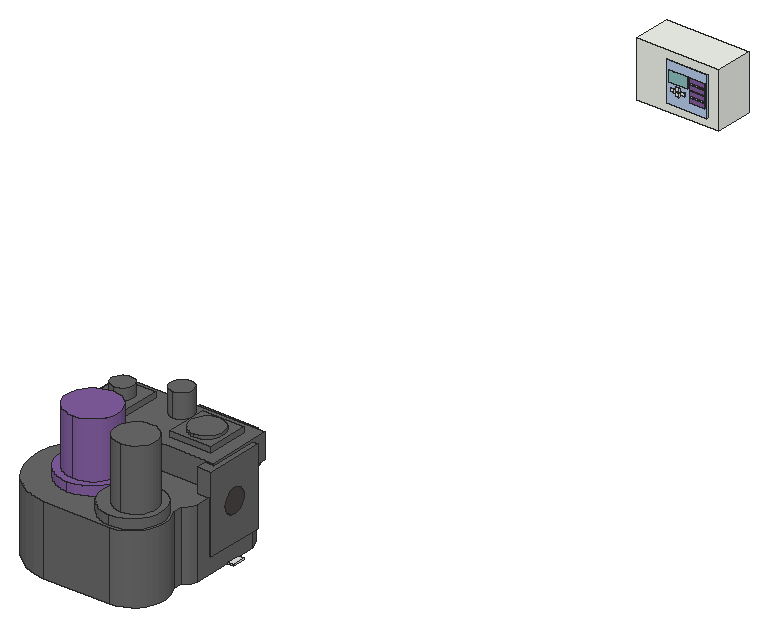
Revit family "28752", category Generic Models, Revit 2021
Family settings
  Can host rebar = No
  Round Connector Dimension = Use Diameter
  Part Type = Normal
  Work Plane-Based = No
  Always vertical = Yes
  Cut with Voids When Loaded = No
  Shared = Yes
  Room Calculation Point = No
Parameters (values of type "28752")
  SUPPLIER = "KESSEL"
  SA700ID50 = "intern"
  SA700ID49 = "Protection Class I"
  SA700ID48 = "no"
  SA700ID47 = "no"
  SA700ID46 = "yes"
  SA700ID37 = 16000 mm
  SA700ID34 = 47
  SA700ID33 = 3.2 W
  SA700ID32 = 48.11 kg
  SA700ID31 = 1
  SA700ID30 = 1
  SA700ID29 = "GLRD"
  SA700ID21 = 1600
  SA700ID10 = "yes"
  SA700ID08 = 400 V
  PROCUREWEBLINK = "https://p.caden.as/kessel/28752"
  PROCURELINK = "p.caden.as/kessel/28752"
  PROCUREDATALASTUPDATE = "2024-05-22T12:18:03.168388671+01:00"
  PRC_SPECIFICATIONLINK = "https://ausschreiben.de/catalog/kessel/catalogItem/b5f49904-1edd-4ced-b724-3f6e60dfa020"
  NN = "Lifting station Aqualift F"
  NBSYN = "$SA810ID03."
  NB = "28752"
  Model = "28752"
  Manufacturer = "KESSEL"
  MIdent = "{$CADENAS_DATA/23d-libs/kessel/kessel_vdi_import/4/entwaesserung/hebeanlage20aqualift20f.prj},197 {STYP=ASS},{VTYP=3D},{NB=28752},{LINA=28752},{NN=Lifting station Aqualift F},{DATE=21.11.2022 10:45:45},{GEOMDATE=21.11.2022 10:45:45},{VERSION=},{LINEID=40},{WBVAR=LODLEVEL},{WBNUMERIC=LODLEVEL}  {NB=28752},{LINA=28752},{KT=DUMMY},{PREVIEW=../../bilder/ksb_w_28752.png},{SA700ID04=Hebeanlage Aqualift F, Mono, Comfort, SPF 3000-S3},{SA810ID06=04026092054529},{SA700ID34=47.00},{SA010ID03=201805},{SA810ID03=28752},{SA810ID10=Die Hebeanlage für fäkalienhaltiges und fäkalienfreies Abwasser ist mit einer überflutbaren Pumpe sowie einem Rückflussverhinderer ausgestattet. Der Sammelbehälter aus dauerhaft beständigem Kunststoff (PE) bietet universale Anschlussmöglichkeiten und hat eine verschraubte Reinigungsöffnung.Die Steuerung erfolgt durch ein anwenderfreundliches Schaltgerät, das optional über einen potentialfreien Kontakt in die Gebäudeleittechnik eingebunden werden oder Alarm- und Sammelstörmeldungen über eine GSM-Schnittstelle (Comfort Schaltgerät) ausgeben kann.Ausführung:Absperreinrichtung: ohne SchieberAnlagenart: EinzelanlagePumpensteuerung: SchaltgerätRückflussverhinderer: integriertSchalldämmmatte: jaEinbausituation: freie AufstellungAbwasserart: fäkalienhaltigAllgemeine Merkmale:Farbe: schwarzNorm: EN 12050-1Abmessungen:Länge: 564 mmBreite: 525 mmHöhe: 539 mmBehälter/Grundkörper:Zulauf Anzahl: 1 STZulauf Nennweite (DN): 100 mmZulauf Nennweite (DA): 110 mmZulauf max. Anbohrung (DN): 150 mmAbstand Rohrsohle Zulauf zu Behälterboden: 125 mmAbstand Rohrmitte Zulauf zu Behälterboden: 180 mmAnschluss für Handmembranpumpe (DN): 32Behältervolumen: 50 lDruckabgang: senkrechtDruckabgang (DA): 110 mmDruckabgang (DN): 100 mmEntlüftungsanschluss (DN): 70 mmNutzvolumen: 20 lFreier Kugeldurchgang: 40 mmFördereinrichtung:Pumpe: SPF 3000Anzahl Pumpen: 1Förderhöhe max.: 16 mFörderleistung max.: 47 m3/hBetriebsart: S3 - 50 %Leistung P1: 3,2 kWLeistung P2: 2,7 kWDrehzahl: 2.845 U/minFörderguttemperatur (dauerhaft) max.: 40 °CAnschlusstyp: DirektanschlussGewicht: 24 kgLaufrad Typ: FreistromradLänge Netzanschlussleitung Pumpe: 5 mNennstrom: 5,4 ASchutzart Pumpe: IP 68 (3m/48h)Schutzklasse: ITyp Anschlussleitung Pumpe: H07RN-F 7G 1,5 mm2Temperaturüberwachung: integriertSteuerung:Schaltgerät: ComfortBetriebsspannung: 400 VNetzfrequenz: 50 HzSelbstdiagnosesystem (SDS): jaBatteriepufferung: jaMehrzeilige Displayanzeige: jaLogbuchfunktion: jaGSM-Schnittstelle: jaPotentialfreier Kontakt: jaErforderliche Absicherung (Leitungsschutz): 3 x C 16 AMotorschutz Schalter: jaSchutzart Schaltgerät: IP 54Länge Netzanschlussleitung Schaltgerät: 0 mArt Niveauerfassung: pneumatischInstrument Niveauerfassung: TauchrohrAlarmgeber: Tauchrohr},{SA700ID37=16.00},{SA700ID33=3.20},{SA700ID08=400},{SA700ID30=1},{SA700ID32=48.11},{SA700ID49=Schutzklasse I},{SA700ID50=intern},{SA200ID03=6},{SA250ID03=vertikal},{SA260ID03=Trockenläuferpumpe},{SA350ID03=normalansaugend},{SA400ID03=E-Motor für Drehstrom},{SA460ID03=direkt},{SA500ID03=Kunststoff, Edelstahl},{SA700ID06=100},{SA700ID07=100},{SA700ID09=3/N/PE 400V},{SA700ID10=Ja},{SA700ID11=50},{SA700ID12=IP 68},{SA700ID13=F},{SA700ID15=40},{SA700ID21=1600.00},{SA700ID22=2.70},{SA700ID23=2845},{SA700ID24=2845},{SA700ID26=5.40},{SA700ID27=41.00},{SA700ID28=durchgehend},{SA700ID29=GLRD},{SA700ID31=1},{SA700ID46=ja},{SA700ID47=nein},{SA700ID48=nein},{SA110ID04=Hebeanlage Aqualift F},{SA300ID03=einstufig},{SA700ID44=10.00},{SA700ID45=10.00},{SA010ID04=KESSEL AG},{LODLEVEL=200},{LINK=https://www.kessel.de/info?han=28752},{SA970ID01=970},{SA970ID02=7008},{SA970ID03=28752},{SA970ID04=11002617},{SA970ID05=QUAD},{SA970ID06=-285.5100098},{SA970ID07=-493.519989},{SA970ID08=0},{SA970ID09=1},{SA970ID10=0},{SA970ID11=0},{SA970ID12=0},{SA970ID13=1},{SA970ID14=0},{SA970ID15=560.01001},{SA970ID16=638.52002},{SA970ID17=476},{LODLEVEL_=200,'Low'},{LODLEVEL_DEU=200,'Low'},{LINK_=https://www.kessel.de/info?han=28752},{LINK_DEU=https://www.kessel.de/info?han=28752},{LODLEVEL_3DB=28752_200},{DNIN1=100},{DNIN2=70},{DNIN3=10},{DNIN4=50},{DNIN5=MIN},{DNIN6=MIN},{DNIN7=MIN},{DNIN8=MIN},{DNIN9=MIN},{DNOUT1=100},{DNOUT2=70},{DNOUT3=32},{ISDIN1=75},{ISDIN2=10.000},{ISDIN3=10},{ISDOUT1=70.000},{ISDOUT2=79.500},{ISDOUT3=75},{SA010ID01=010},{SA010ID02=4},{SA010ID06=www.kessel.de},{SA010ID07=www.kessel.de},{SA010ID12=20180713},{SA010ID13=DEU},{SA010ID14=DE},{SA100ID01=100},{SA100ID02=4},{SA100ID04=Entwässerung},{SA110ID01=110},{SA110ID02=4},{SA200ID01=200},{SA200ID02=6},{SA250ID01=250},{SA250ID02=2},{SA260ID01=260},{SA260ID02=2},{SA300ID01=300},{SA300ID02=1},{SA350ID01=350},{SA350ID02=1},{SA400ID01=400},{SA400ID02=2},{SA460ID01=460},{SA460ID02=1},{SA500ID01=500},{SA500ID02=1},{SA700ID01=700},{SA700ID02=20},{SA700ID10_=1},{SA700ID16=0},{SA700ID25=0},{SA700ID46_=1},{SA700ID47_=0},{SA700ID48_=0},{SA700ID49_=1},{SA700ID50_=2},{SA800ID01=800},{SA800ID02=20},{SA810ID01=810},{SA810ID02=20},{SA810ID04=28752},{SA810ID07=20},{SA810ID09=1},{SA810ID14=PCE},{SA810ID15=1},{SA810ID16=NMP},{SA960ID03=20},{SA960ID04=3L},{SA960ID08=https://www.kessel.de/info?han=28752},{SA010ID08=4026092000007},{SA100ID05=Hebeanlage},{SA110ID06=Hebeanlage}"
  LINK = "https://www.kessel.de/info?han=28752"
  LINA = "28752"
  Default Elevation = 0 mm
  CREATOR = "CADENAS GmbH"
  CATALOG = "KESSEL"
  BOMINFO = "LINA"
  ARTICLENO = "NB"
  4.810.00.9 Order quantity (multiplicator) = "1"
  4.810.00.7 Media- connection number = "20"
  4.810.00.6 GTIN number = "04026092054529"
  4.810.00.4 DATANORM number = "28752"
  4.810.00.3 Producer order number = "28752"
  4.710.03.7 Mass (net) = 48.11 kg
  4.710.03.6 Height = 539 mm
  4.710.03.5 Width = 525 mm
  4.710.03.4 Length = 564 mm
  4.710.03.3 Type of dimensions = "2"
  4.710.02.8 Area of application of wastewater pump = "1"
  4.710.02.7 Art des S2/S3-Betriebs = "50 %"
  4.710.02.6 Duty type = "S3"
  4.710.02.5 Cutting device = "0"
  4.710.02.4 Attached pump control = "1"
  4.710.02.3 Free passage = 40 mm
  4.710.01.6 Option to connect to building automation = "40"
  4.710.01.5 Load regulation = "0"
  4.710.01.4 Designation of closed-loop control = "20"
  4.710.01.3 Identifier for closed-loop control = "50"
  4.700.00.9 Voltage = 0
  4.700.00.8 Nominal connection size on suction side = "100"
  4.700.00.7 Nominal connection size on pressure side = "100"
  4.700.00.6 Type of connection = "100"
  4.700.00.4 Product indentification = "Hebeanlage Aqualift F, Mono, Comfort, SPF 3000-S3"
  4.700.00.28 Motor pump shaft = "durchgehend"
  4.700.00.27 Starting current = 41
  4.700.00.26 Maximum power consumption per pump / drive = 5.4
  4.700.00.25 Minimum speed at internal speed adjustment = 0
  4.700.00.24 Nominal speed / maximum speed n = 47.4167
  4.700.00.23 Nominal speed of motor = 47.4167
  4.700.00.22 Maximum shaft output (P2) per pump/drive = 2.7 W
  4.700.00.16 Maximum temperature of pumped medium = 0 °C
  4.700.00.15 Increased safety class = "40 °C"
  4.700.00.13 Type of protection = "F"
  4.700.00.12 Frequency = 0
  4.700.00.11 Stern-/Dreieck-Anlaufschaltung bei Dreiphasenanschluss oder Drehstrom = "50 Hz"
  4.700.00.10 Phase = "1"
  4.500.00.3 Variant / Variant type / Accessories-name = "Kunststoff, Edelstahl"
  4.460.00.3 Variant / Variant type / Accessories-name = "direkt"
  4.400.00.3 Variant / Variant type / Accessories-name = "E-Motor für Drehstrom"
  4.350.00.3 Variant / Variant type / Accessories-name = "normalansaugend"
  4.300.00.3 Variant / Variant type / Accessories-name = "einstufig"
  4.260.00.3 Variant / Variant type / Accessories-name = "Trockenläuferpumpe"
  4.250.00.3 Variant / Variant type / Accessories-name = "vertikal"
  4.200.00.3 Variant / Variant type / Accessories-name = "6"
  4.110.00.6 Product classification = "Hebeanlage"
  4.110.00.4 Product indentification = "Hebeanlage Aqualift F"
  4.100.00.5 Main groups of wares = "Hebeanlage"
  4.100.00.4 Product indentification = "Entwässerung"
  4.010.00.8 Producer ID number = "4026092000007"
  4.010.00.7 Comment = "www.kessel.de"
  4.010.00.6 Web address of the manufacturer = "www.kessel.de"
  4.010.00.4 Manufacturer name = "KESSEL AG"
  4.010.00.3 Date of issuance (month) of guideline = "201805"
  4.010.00.2 Sheet number of the guideline = "4"
  4.010.00.14 Kennungen der Projektländer, für die die Datei gültig ist = "DE"
  4.010.00.13 Sprache der Datei = "DEU"
  4.010.00.12 Stand des Herstellerkatalogs = "20180713"
Reference planes
  plane 1 "Center (Front/Back)": y = 0
  plane 2: z = 0
  plane 3 "Center (Left/Right)": x = 0
Forms (mm)
  Extrusion 1, void
    sketch origin (259.8, -99.998, 186) x (0, -1, 0) y (0, 0, 1)
      loop
        line (-0.5, -0.5) -> (0.5, -0.5) -> (0.5, 0.5) -> (-0.5, 0.5) -> (-0.5, -0.5)
    from 0 to 1
Dimensions and locks
  locked: plane 2 to Extrusion 1 at 186.5
  locked: plane 2 to Extrusion 1 at 185.5
  aligned and locked: level to plane 2
Nested families
  nested 1: "28752_content" at (0, 0, 0), type "28752_Content"
  nested 2: "28752_part1_X0Y0" at (1000, 1000, 1200), type "28752_PART1_X0Y0"
  nested 3: "28752_part2_X0Y0" at (0, 0, 0), type "28752_PART2_X0Y0"
Connectors
  electrical at (911, 934.75, 1201.5)
    settings: on nested 2, index 1, voltage 0 V, apparent load 0 VA, apparent load phase1 0 VA, apparent load phase2 0 VA, apparent load phase3 0 VA, power factor 1, load classification "Other", number of poles 1, system type 31, power factor state 1, is connector primary yes, connector utility no, sub classification motor no, connector description ""
  piping at (105.4, 145, 181), diameter 100
    settings: on nested 3, index 2, connector inside diameter 609.6 mm, connector length 0 mm, flow factor 0, pipe flow 0.0 L/s, pressure drop 0.0 Pa, fitting loss kfactor 0, connector angle 0.00°, fixture units 0, engagement length 0 mm, angle of deflection 0.00°, flow configuration 0, flow direction 1, fitting loss method 2, system type 29, joint type 0, gender type 0, connector reference index -1, connector utility 0, adjustable connector no, is connector primary yes, connector description ""
  piping at (259.8, -99.998, 186), diameter 70
    settings: on Extrusion 1, index 3, connector inside diameter 609.6 mm, connector length 0 mm, flow factor 0, pipe flow 0.0 L/s, pressure drop 0.0 Pa, fitting loss kfactor 0, connector angle 0.00°, fixture units 0, engagement length 0 mm, angle of deflection 0.00°, flow configuration 0, flow direction 0, fitting loss method 2, system type 29, joint type 0, gender type 0, connector reference index -1, connector utility 0, adjustable connector no, is connector primary no, connector description ""
  piping at (150.4, -384, 476), diameter 100
    settings: on nested 3, index 4, connector inside diameter 609.6 mm, connector length 0 mm, flow factor 0, pipe flow 0.0 L/s, pressure drop 0.0 Pa, fitting loss kfactor 0, connector angle 0.00°, fixture units 0, engagement length 0 mm, angle of deflection 0.00°, flow configuration 0, flow direction 2, fitting loss method 2, system type 29, joint type 0, gender type 0, connector reference index -1, connector utility 0, adjustable connector no, is connector primary no, connector description ""
  piping at (0, 0, 401), diameter 70
    settings: on nested 3, index 5, connector inside diameter 609.6 mm, connector length 0 mm, flow factor 0, pipe flow 0.0 L/s, pressure drop 0.0 Pa, fitting loss kfactor 0, connector angle 0.00°, fixture units 0, engagement length 0 mm, angle of deflection 0.00°, flow configuration 0, flow direction 2, fitting loss method 2, system type 29, joint type 0, gender type 0, connector reference index -1, connector utility 0, adjustable connector no, is connector primary no, connector description ""
  piping at (105.4, 145, 81), diameter 32
    settings: on nested 3, index 6, connector inside diameter 609.6 mm, connector length 0 mm, flow factor 0, pipe flow 0.0 L/s, pressure drop 0.0 Pa, fitting loss kfactor 0, connector angle 0.00°, fixture units 0, engagement length 0 mm, angle of deflection 0.00°, flow configuration 0, flow direction 2, fitting loss method 2, system type 29, joint type 0, gender type 0, connector reference index -1, connector utility 0, adjustable connector no, is connector primary no, connector description ""
  electrical at (-65, -299.8, 457)
    settings: on nested 3, index 7, voltage 0 V, apparent load 0 VA, apparent load phase1 0 VA, apparent load phase2 0 VA, apparent load phase3 0 VA, power factor 1, load classification "Other", number of poles 1, system type 31, power factor state 1, is connector primary no, connector utility no, sub classification motor no, connector description ""
  electrical at (-165.999, -46, 376.6)
    settings: on nested 3, index 8, voltage 0 V, apparent load 0 VA, apparent load phase1 0 VA, apparent load phase2 0 VA, apparent load phase3 0 VA, power factor 1, load classification "Other", number of poles 1, system type 31, power factor state 1, is connector primary no, connector utility no, sub classification motor no, connector description ""
Definition of nested family "28752_part1_X0Y0"
  Parameters (values of type "28752_PART1_X0Y0")
    SUPPLIER = "KESSEL"
    SA700ID50 = "intern"
    SA700ID49 = "Protection Class I"
    SA700ID48 = "no"
    SA700ID47 = "no"
    SA700ID46 = "yes"
    SA700ID37 = 16000 mm
    SA700ID34 = 47
    SA700ID33 = 3.2 W
    SA700ID32 = 48.11 kg
    SA700ID31 = 1
    SA700ID30 = 1
    SA700ID29 = "GLRD"
    SA700ID21 = 1600
    SA700ID10 = "yes"
    SA700ID08 = 400 V
    NBSYN = "$SA810ID03._PART1"
    NB = "28752_PART1"
    Model = "28752_PART1"
    Manufacturer = "KESSEL"
    MIdent = "{$CADENAS_DATA/23d-libs/kessel/kessel_vdi_import/4/entwaesserung/hebeanlage20aqualift20f.prj},217 {VTYP=3D},{NB=28752_PART1},{LINA=28752_PART1},{NN=Lifting station Aqualift F_PART1},{NOPRJ=TRUE},{DATE=21.11.2022 10:45:45},{GEOMDATE=21.11.2022 10:45:45},{VERSION=},{LINEID=40},{WBVAR=LODLEVEL},{WBNUMERIC=LODLEVEL}  {NB=28752_PART1},{LINA=28752_PART1},{KT=DUMMY},{PREVIEW=../../bilder/ksb_w_28752.png},{SA700ID04=Hebeanlage Aqualift F, Mono, Comfort, SPF 3000-S3},{SA810ID06=04026092054529},{SA700ID34=47.00},{SA010ID03=201805},{SA810ID03=28752},{SA810ID10=Die Hebeanlage für fäkalienhaltiges und fäkalienfreies Abwasser ist mit einer überflutbaren Pumpe sowie einem Rückflussverhinderer ausgestattet. Der Sammelbehälter aus dauerhaft beständigem Kunststoff (PE) bietet universale Anschlussmöglichkeiten und hat eine verschraubte Reinigungsöffnung.Die Steuerung erfolgt durch ein anwenderfreundliches Schaltgerät, das optional über einen potentialfreien Kontakt in die Gebäudeleittechnik eingebunden werden oder Alarm- und Sammelstörmeldungen über eine GSM-Schnittstelle (Comfort Schaltgerät) ausgeben kann.Ausführung:Absperreinrichtung: ohne SchieberAnlagenart: EinzelanlagePumpensteuerung: SchaltgerätRückflussverhinderer: integriertSchalldämmmatte: jaEinbausituation: freie AufstellungAbwasserart: fäkalienhaltigAllgemeine Merkmale:Farbe: schwarzNorm: EN 12050-1Abmessungen:Länge: 564 mmBreite: 525 mmHöhe: 539 mmBehälter/Grundkörper:Zulauf Anzahl: 1 STZulauf Nennweite (DN): 100 mmZulauf Nennweite (DA): 110 mmZulauf max. Anbohrung (DN): 150 mmAbstand Rohrsohle Zulauf zu Behälterboden: 125 mmAbstand Rohrmitte Zulauf zu Behälterboden: 180 mmAnschluss für Handmembranpumpe (DN): 32Behältervolumen: 50 lDruckabgang: senkrechtDruckabgang (DA): 110 mmDruckabgang (DN): 100 mmEntlüftungsanschluss (DN): 70 mmNutzvolumen: 20 lFreier Kugeldurchgang: 40 mmFördereinrichtung:Pumpe: SPF 3000Anzahl Pumpen: 1Förderhöhe max.: 16 mFörderleistung max.: 47 m3/hBetriebsart: S3 - 50 %Leistung P1: 3,2 kWLeistung P2: 2,7 kWDrehzahl: 2.845 U/minFörderguttemperatur (dauerhaft) max.: 40 °CAnschlusstyp: DirektanschlussGewicht: 24 kgLaufrad Typ: FreistromradLänge Netzanschlussleitung Pumpe: 5 mNennstrom: 5,4 ASchutzart Pumpe: IP 68 (3m/48h)Schutzklasse: ITyp Anschlussleitung Pumpe: H07RN-F 7G 1,5 mm2Temperaturüberwachung: integriertSteuerung:Schaltgerät: ComfortBetriebsspannung: 400 VNetzfrequenz: 50 HzSelbstdiagnosesystem (SDS): jaBatteriepufferung: jaMehrzeilige Displayanzeige: jaLogbuchfunktion: jaGSM-Schnittstelle: jaPotentialfreier Kontakt: jaErforderliche Absicherung (Leitungsschutz): 3 x C 16 AMotorschutz Schalter: jaSchutzart Schaltgerät: IP 54Länge Netzanschlussleitung Schaltgerät: 0 mArt Niveauerfassung: pneumatischInstrument Niveauerfassung: TauchrohrAlarmgeber: Tauchrohr},{SA700ID37=16.00},{SA700ID33=3.20},{SA700ID08=400},{SA700ID30=1},{SA700ID32=48.11},{SA700ID49=Schutzklasse I},{SA700ID50=intern},{SA200ID03=6},{SA250ID03=vertikal},{SA260ID03=Trockenläuferpumpe},{SA350ID03=normalansaugend},{SA400ID03=E-Motor für Drehstrom},{SA460ID03=direkt},{SA500ID03=Kunststoff, Edelstahl},{SA700ID06=100},{SA700ID07=100},{SA700ID09=3/N/PE 400V},{SA700ID10=Ja},{SA700ID11=50},{SA700ID12=IP 68},{SA700ID13=F},{SA700ID15=40},{SA700ID21=1600.00},{SA700ID22=2.70},{SA700ID23=2845},{SA700ID24=2845},{SA700ID26=5.40},{SA700ID27=41.00},{SA700ID28=durchgehend},{SA700ID29=GLRD},{SA700ID31=1},{SA700ID46=ja},{SA700ID47=nein},{SA700ID48=nein},{SA110ID04=Hebeanlage Aqualift F},{SA300ID03=einstufig},{SA700ID44=10.00},{SA700ID45=10.00},{SA010ID04=KESSEL AG},{LODLEVEL=200},{LINK=https://www.kessel.de/info?han=28752},{SA970ID01=970},{SA970ID02=7008},{SA970ID03=28752},{SA970ID04=11002617},{SA970ID05=QUAD},{SA970ID06=-285.5100098},{SA970ID07=-493.519989},{SA970ID08=0},{SA970ID09=1},{SA970ID10=0},{SA970ID11=0},{SA970ID12=0},{SA970ID13=1},{SA970ID14=0},{SA970ID15=560.01001},{SA970ID16=638.52002},{SA970ID17=476},{LODLEVEL_=200,'Low'},{LODLEVEL_DEU=200,'Low'},{LINK_=https://www.kessel.de/info?han=28752},{LINK_DEU=https://www.kessel.de/info?han=28752},{LODLEVEL_3DB=28752_200},{DNIN1=100},{DNIN2=70},{DNIN3=10},{DNIN4=50},{DNIN5=MIN},{DNIN6=MIN},{DNIN7=MIN},{DNIN8=MIN},{DNIN9=MIN},{DNOUT1=100},{DNOUT2=70},{DNOUT3=32},{ISDIN1=75},{ISDIN2=10.000},{ISDIN3=10},{ISDOUT1=70.000},{ISDOUT2=79.500},{ISDOUT3=75},{SA010ID01=010},{SA010ID02=4},{SA010ID06=www.kessel.de},{SA010ID07=www.kessel.de},{SA010ID12=20180713},{SA010ID13=DEU},{SA010ID14=DE},{SA100ID01=100},{SA100ID02=4},{SA100ID04=Entwässerung},{SA110ID01=110},{SA110ID02=4},{SA200ID01=200},{SA200ID02=6},{SA250ID01=250},{SA250ID02=2},{SA260ID01=260},{SA260ID02=2},{SA300ID01=300},{SA300ID02=1},{SA350ID01=350},{SA350ID02=1},{SA400ID01=400},{SA400ID02=2},{SA460ID01=460},{SA460ID02=1},{SA500ID01=500},{SA500ID02=1},{SA700ID01=700},{SA700ID02=20},{SA700ID10_=1},{SA700ID16=0},{SA700ID25=0},{SA700ID46_=1},{SA700ID47_=0},{SA700ID48_=0},{SA700ID49_=1},{SA700ID50_=2},{SA800ID01=800},{SA800ID02=20},{SA810ID01=810},{SA810ID02=20},{SA810ID04=28752},{SA810ID07=20},{SA810ID09=1},{SA810ID14=PCE},{SA810ID15=1},{SA810ID16=NMP},{SA960ID03=20},{SA960ID04=3L},{SA960ID08=https://www.kessel.de/info?han=28752},{SA010ID08=4026092000007},{SA100ID05=Hebeanlage},{SA110ID06=Hebeanlage}"
    LINK = "https://www.kessel.de/info?han=28752"
    LINA = "28752_PART1"
    Default Elevation = 1219.2 mm
    CREATOR = "CADENAS GmbH"
    CATALOG = "KESSEL"
    BOMINFO = "LINA"
    ARTICLENO = "NB"
    4.810.00.9 Order quantity (multiplicator) = "1"
    4.810.00.7 Media- connection number = "20"
    4.810.00.6 GTIN number = "04026092054529"
    4.810.00.4 DATANORM number = "28752"
    4.810.00.3 Producer order number = "28752"
    4.710.03.7 Mass (net) = 48.11 kg
    4.710.03.6 Height = 539 mm
    4.710.03.5 Width = 525 mm
    4.710.03.4 Length = 564 mm
    4.710.03.3 Type of dimensions = "2"
    4.710.02.8 Area of application of wastewater pump = "1"
    4.710.02.7 Art des S2/S3-Betriebs = "50 %"
    4.710.02.6 Duty type = "S3"
    4.710.02.5 Cutting device = "0"
    4.710.02.4 Attached pump control = "1"
    4.710.02.3 Free passage = 40 mm
    4.710.01.6 Option to connect to building automation = "40"
    4.710.01.5 Load regulation = "0"
    4.710.01.4 Designation of closed-loop control = "20"
    4.710.01.3 Identifier for closed-loop control = "50"
    4.700.00.9 Voltage = 0
    4.700.00.8 Nominal connection size on suction side = "100"
    4.700.00.7 Nominal connection size on pressure side = "100"
    4.700.00.6 Type of connection = "100"
    4.700.00.4 Product indentification = "Hebeanlage Aqualift F, Mono, Comfort, SPF 3000-S3"
    4.700.00.28 Motor pump shaft = "durchgehend"
    4.700.00.27 Starting current = 41
    4.700.00.26 Maximum power consumption per pump / drive = 5.4
    4.700.00.25 Minimum speed at internal speed adjustment = 0
    4.700.00.24 Nominal speed / maximum speed n = 47.4167
    4.700.00.23 Nominal speed of motor = 47.4167
    4.700.00.22 Maximum shaft output (P2) per pump/drive = 2.7 W
    4.700.00.16 Maximum temperature of pumped medium = 0 °C
    4.700.00.15 Increased safety class = "40 °C"
    4.700.00.13 Type of protection = "F"
    4.700.00.12 Frequency = 0
    4.700.00.11 Stern-/Dreieck-Anlaufschaltung bei Dreiphasenanschluss oder Drehstrom = "50 Hz"
    4.700.00.10 Phase = "1"
    4.500.00.3 Variant / Variant type / Accessories-name = "Kunststoff, Edelstahl"
    4.460.00.3 Variant / Variant type / Accessories-name = "direkt"
    4.400.00.3 Variant / Variant type / Accessories-name = "E-Motor für Drehstrom"
    4.350.00.3 Variant / Variant type / Accessories-name = "normalansaugend"
    4.300.00.3 Variant / Variant type / Accessories-name = "einstufig"
    4.260.00.3 Variant / Variant type / Accessories-name = "Trockenläuferpumpe"
    4.250.00.3 Variant / Variant type / Accessories-name = "vertikal"
    4.200.00.3 Variant / Variant type / Accessories-name = "6"
    4.110.00.6 Product classification = "Hebeanlage"
    4.110.00.4 Product indentification = "Hebeanlage Aqualift F"
    4.100.00.5 Main groups of wares = "Hebeanlage"
    4.100.00.4 Product indentification = "Entwässerung"
    4.010.00.8 Producer ID number = "4026092000007"
    4.010.00.7 Comment = "www.kessel.de"
    4.010.00.6 Web address of the manufacturer = "www.kessel.de"
    4.010.00.4 Manufacturer name = "KESSEL AG"
    4.010.00.3 Date of issuance (month) of guideline = "201805"
    4.010.00.2 Sheet number of the guideline = "4"
    4.010.00.14 Kennungen der Projektländer, für die die Datei gültig ist = "DE"
    4.010.00.13 Sprache der Datei = "DEU"
    4.010.00.12 Stand des Herstellerkatalogs = "20180713"
  Reference planes
    plane 1 "Center (Front/Back)": y = 0
    plane 2: z = 0
    plane 3 "Center (Left/Right)": x = 0
  Dimensions and locks
    aligned and locked: level to plane 2
  Nested families
    nested 1: "28752_part1_content" at (0, 0, 0), type "28752_PART1_Content"
  Definition of nested family "28752_part1_content"
    Parameters (values of type "28752_PART1_Content")
      SUPPLIER = "KESSEL"
      SA700ID50 = "intern"
      SA700ID49 = "Protection Class I"
      SA700ID48 = "no"
      SA700ID47 = "no"
      SA700ID46 = "yes"
      SA700ID37 = 16000 mm
      SA700ID34 = 47
      SA700ID33 = 3.2 W
      SA700ID32 = 48.11 kg
      SA700ID31 = 1
      SA700ID30 = 1
      SA700ID29 = "GLRD"
      SA700ID21 = 1600
      SA700ID10 = "yes"
      SA700ID08 = 400 V
      NBSYN = "$SA810ID03._PART1"
      NB = "28752_PART1"
      Model = "28752_PART1"
      Manufacturer = "KESSEL"
      LINK = "https://www.kessel.de/info?han=28752"
      LINA = "28752_PART1"
      Default Elevation = 1219.2 mm
      CREATOR = "CADENAS GmbH"
      CATALOG = "KESSEL"
      BOMINFO = "LINA"
      ARTICLENO = "NB"
      4.810.00.9 Order quantity (multiplicator) = "1"
      4.810.00.7 Media- connection number = "20"
      4.810.00.6 GTIN number = "04026092054529"
      4.810.00.4 DATANORM number = "28752"
      4.810.00.3 Producer order number = "28752"
      4.710.03.7 Mass (net) = 48.11 kg
      4.710.03.6 Height = 539 mm
      4.710.03.5 Width = 525 mm
      4.710.03.4 Length = 564 mm
      4.710.03.3 Type of dimensions = "2"
      4.710.02.8 Area of application of wastewater pump = "1"
      4.710.02.7 Art des S2/S3-Betriebs = "50 %"
      4.710.02.6 Duty type = "S3"
      4.710.02.5 Cutting device = "0"
      4.710.02.4 Attached pump control = "1"
      4.710.02.3 Free passage = 40 mm
      4.710.01.6 Option to connect to building automation = "40"
      4.710.01.5 Load regulation = "0"
      4.710.01.4 Designation of closed-loop control = "20"
      4.710.01.3 Identifier for closed-loop control = "50"
      4.700.00.9 Voltage = 0
      4.700.00.8 Nominal connection size on suction side = "100"
      4.700.00.7 Nominal connection size on pressure side = "100"
      4.700.00.6 Type of connection = "100"
      4.700.00.4 Product indentification = "Hebeanlage Aqualift F, Mono, Comfort, SPF 3000-S3"
      4.700.00.28 Motor pump shaft = "durchgehend"
      4.700.00.27 Starting current = 41
      4.700.00.26 Maximum power consumption per pump / drive = 5.4
      4.700.00.25 Minimum speed at internal speed adjustment = 0
      4.700.00.24 Nominal speed / maximum speed n = 47.4167
      4.700.00.23 Nominal speed of motor = 47.4167
      4.700.00.22 Maximum shaft output (P2) per pump/drive = 2.7 W
      4.700.00.16 Maximum temperature of pumped medium = 0 °C
      4.700.00.15 Increased safety class = "40 °C"
      4.700.00.13 Type of protection = "F"
      4.700.00.12 Frequency = 0
      4.700.00.11 Stern-/Dreieck-Anlaufschaltung bei Dreiphasenanschluss oder Drehstrom = "50 Hz"
      4.700.00.10 Phase = "1"
      4.500.00.3 Variant / Variant type / Accessories-name = "Kunststoff, Edelstahl"
      4.460.00.3 Variant / Variant type / Accessories-name = "direkt"
      4.400.00.3 Variant / Variant type / Accessories-name = "E-Motor für Drehstrom"
      4.350.00.3 Variant / Variant type / Accessories-name = "normalansaugend"
      4.300.00.3 Variant / Variant type / Accessories-name = "einstufig"
      4.260.00.3 Variant / Variant type / Accessories-name = "Trockenläuferpumpe"
      4.250.00.3 Variant / Variant type / Accessories-name = "vertikal"
      4.200.00.3 Variant / Variant type / Accessories-name = "6"
      4.110.00.6 Product classification = "Hebeanlage"
      4.110.00.4 Product indentification = "Hebeanlage Aqualift F"
      4.100.00.5 Main groups of wares = "Hebeanlage"
      4.100.00.4 Product indentification = "Entwässerung"
      4.010.00.8 Producer ID number = "4026092000007"
      4.010.00.7 Comment = "www.kessel.de"
      4.010.00.6 Web address of the manufacturer = "www.kessel.de"
      4.010.00.4 Manufacturer name = "KESSEL AG"
      4.010.00.3 Date of issuance (month) of guideline = "201805"
      4.010.00.2 Sheet number of the guideline = "4"
      4.010.00.14 Kennungen der Projektländer, für die die Datei gültig ist = "DE"
      4.010.00.13 Sprache der Datei = "DEU"
      4.010.00.12 Stand des Herstellerkatalogs = "20180713"
    Reference planes
      plane 1 "Center (Front/Back)": y = 0
      plane 2: z = 0
      plane 3 "Center (Left/Right)": x = 0
    Forms (mm)
      Extrusion 1, solid, detail levels medium+fine
        sketch origin (139, 0, 0.2) x (0, -1, 0) y (0, 0, 1)
          loop
            line (0, 187.8) -> (0, 0) -> (127.75, 0) -> (127.75, 187.8) -> (0, 187.8)
        from 0 to 278
      Extrusion 2, solid, detail levels medium+fine
        sketch origin (101, -127.75, 26.5) x (0, -1, 0) y (0, 0, 1)
          loop
            line (-1.2, 134.8) -> (-1.2, 0) -> (0.25, 0) -> (0.25, 134.8) -> (-1.2, 134.8)
        from 0 to 139.9
      Extrusion 3, solid, detail levels medium+fine
        sketch origin (22.75, -128, 66) x (0, -1, 0) y (0, 0, 1)
          loop
            line (-1, 12) -> (-1, 0) -> (0.5, 0) -> (0.5, 12) -> (-1, 12)
        from 0 to 12
      Extrusion 4, solid, detail levels medium+fine
        sketch origin (34.65, -128, 93.4) x (0, -1, 0) y (0, 0, 1)
          loop
            line (-1, 37) -> (-1, 0) -> (0.5, 0) -> (0.5, 37) -> (-1, 37)
        from 0 to 66
      Extrusion 5, solid, detail levels medium+fine
        sketch origin (5.5, -128, 74) x (0, -1, 0) y (0, 0, 1)
          loop
            line (-1, 12) -> (-1, 0) -> (0.5, 0) -> (0.5, 12) -> (-1, 12)
        from 0 to 12
      Extrusion 6, solid, detail levels medium+fine
        sketch origin (93.5, -128, 94.4) x (0, -1, 0) y (0, 0, 1)
          loop
            line (0, 16) -> (0, 0) -> (1.75, 0) -> (1.75, 16) -> (0, 16)
        from 0 to 51
      Extrusion 7, solid, detail levels medium+fine
        sketch origin (93.5, -128, 74.4) x (0, -1, 0) y (0, 0, 1)
          loop
            line (0, 16) -> (0, 0) -> (1.75, 0) -> (1.75, 16) -> (0, 16)
        from 0 to 51
      Extrusion 8, solid, detail levels medium+fine
        sketch origin (5.5, -128, 57.5) x (0, -1, 0) y (0, 0, 1)
          loop
            line (-1, 12) -> (-1, 0) -> (0.5, 0) -> (0.5, 12) -> (-1, 12)
        from 0 to 12
      Extrusion 9, solid, detail levels medium+fine
        sketch origin (93.5, -128, 114.4) x (0, -1, 0) y (0, 0, 1)
          loop
            line (0, 16) -> (0, 0) -> (1.75, 0) -> (1.75, 16) -> (0, 16)
        from 0 to 51
      Extrusion 10, solid, detail levels medium+fine
        sketch origin (93.5, -128, 54.4) x (0, -1, 0) y (0, 0, 1)
          loop
            line (0, 16) -> (0, 0) -> (1.75, 0) -> (1.75, 16) -> (0, 16)
        from 0 to 51
      Extrusion 11, solid, detail levels medium+fine
        sketch origin (-11.75, -128, 66) x (0, -1, 0) y (0, 0, 1)
          loop
            line (-1, 12) -> (-1, 0) -> (0.5, 0) -> (0.5, 12) -> (-1, 12)
        from 0 to 12
      Extrusion 12, solid, detail levels medium+fine
        sketch origin (12, -40.25, 0) x (0, 1, 0) y (-1, 0, 0)
          loop
            circle (0, 0) r 5.25
        from 0 to 1.5
      Extrusion 13, solid, detail levels medium+fine
        sketch origin (27, -70.25, 0) x (0, 1, 0) y (-1, 0, 0)
          loop
            circle (0, 0) r 8
        from 0 to 1.5
      Extrusion 14, solid, detail levels medium+fine
        sketch origin (-44, -65.25, 0) x (0, 1, 0) y (-1, 0, 0)
          loop
            circle (0, 0) r 12.5
        from 0 to 1.5
      Extrusion 15, solid, detail levels medium+fine
        sketch origin (42, -42, 0) x (0, 1, 0) y (-1, 0, 0)
          loop
            circle (0, 0) r 8
        from 0 to 1.5
      Extrusion 16, solid, detail levels medium+fine
        sketch origin (57, -70.25, 0) x (0, 1, 0) y (-1, 0, 0)
          loop
            circle (0, 0) r 8
        from 0 to 1.5
      Extrusion 17, solid, detail levels medium+fine
        sketch origin (72, -42, 0) x (0, 1, 0) y (-1, 0, 0)
          loop
            circle (0, 0) r 8
        from 0 to 1.5
      Extrusion 18, solid, detail levels medium+fine
        sketch origin (87, -70.25, 0) x (0, 1, 0) y (-1, 0, 0)
          loop
            circle (0, 0) r 8
        from 0 to 1.5
      Extrusion 19, solid, detail levels medium+fine
        sketch origin (-89, -65.25, 0) x (0, 1, 0) y (-1, 0, 0)
          loop
            circle (0, 0) r 12.5
        from 0 to 1.5
      Extrusion 20, solid, detail levels medium+fine
        sketch origin (77, -15, 0) x (0, 1, 0) y (-1, 0, 0)
          loop
            circle (0, 0) r 6
        from 0 to 1.5
      Extrusion 21, solid, detail levels medium+fine
        sketch origin (102, -42, 0) x (0, 1, 0) y (-1, 0, 0)
          loop
            circle (0, 0) r 8
        from 0 to 1.5
      Extrusion 22, solid, detail levels coarse
        sketch origin (0, -64.875, 0) x (1, 0, 0) y (0, 1, 0)
          loop
            line (-139, -64.875) -> (139, -64.875) -> (139, 64.875) -> (-139, 64.875) -> (-139, -64.875)
        from 0 to 188
    Dimensions and locks
      aligned and locked: level to plane 2
Definition of nested family "28752_part2_X0Y0"
  Parameters (values of type "28752_PART2_X0Y0")
    SUPPLIER = "KESSEL"
    SA700ID50 = "intern"
    SA700ID49 = "Protection Class I"
    SA700ID48 = "no"
    SA700ID47 = "no"
    SA700ID46 = "yes"
    SA700ID37 = 16000 mm
    SA700ID34 = 47
    SA700ID33 = 3.2 W
    SA700ID32 = 48.11 kg
    SA700ID31 = 1
    SA700ID30 = 1
    SA700ID29 = "GLRD"
    SA700ID21 = 1600
    SA700ID10 = "yes"
    SA700ID08 = 400 V
    NBSYN = "$SA810ID03._PART2"
    NB = "28752_PART2"
    Model = "28752_PART2"
    Manufacturer = "KESSEL"
    MIdent = "{$CADENAS_DATA/23d-libs/kessel/kessel_vdi_import/4/entwaesserung/hebeanlage20aqualift20f.prj},217 {VTYP=3D},{NB=28752_PART2},{LINA=28752_PART2},{NN=Lifting station Aqualift F_PART2},{NOPRJ=TRUE},{DATE=21.11.2022 10:45:45},{GEOMDATE=21.11.2022 10:45:45},{VERSION=},{LINEID=40},{WBVAR=LODLEVEL},{WBNUMERIC=LODLEVEL}  {NB=28752_PART2},{LINA=28752_PART2},{KT=DUMMY},{PREVIEW=../../bilder/ksb_w_28752.png},{SA700ID04=Hebeanlage Aqualift F, Mono, Comfort, SPF 3000-S3},{SA810ID06=04026092054529},{SA700ID34=47.00},{SA010ID03=201805},{SA810ID03=28752},{SA810ID10=Die Hebeanlage für fäkalienhaltiges und fäkalienfreies Abwasser ist mit einer überflutbaren Pumpe sowie einem Rückflussverhinderer ausgestattet. Der Sammelbehälter aus dauerhaft beständigem Kunststoff (PE) bietet universale Anschlussmöglichkeiten und hat eine verschraubte Reinigungsöffnung.Die Steuerung erfolgt durch ein anwenderfreundliches Schaltgerät, das optional über einen potentialfreien Kontakt in die Gebäudeleittechnik eingebunden werden oder Alarm- und Sammelstörmeldungen über eine GSM-Schnittstelle (Comfort Schaltgerät) ausgeben kann.Ausführung:Absperreinrichtung: ohne SchieberAnlagenart: EinzelanlagePumpensteuerung: SchaltgerätRückflussverhinderer: integriertSchalldämmmatte: jaEinbausituation: freie AufstellungAbwasserart: fäkalienhaltigAllgemeine Merkmale:Farbe: schwarzNorm: EN 12050-1Abmessungen:Länge: 564 mmBreite: 525 mmHöhe: 539 mmBehälter/Grundkörper:Zulauf Anzahl: 1 STZulauf Nennweite (DN): 100 mmZulauf Nennweite (DA): 110 mmZulauf max. Anbohrung (DN): 150 mmAbstand Rohrsohle Zulauf zu Behälterboden: 125 mmAbstand Rohrmitte Zulauf zu Behälterboden: 180 mmAnschluss für Handmembranpumpe (DN): 32Behältervolumen: 50 lDruckabgang: senkrechtDruckabgang (DA): 110 mmDruckabgang (DN): 100 mmEntlüftungsanschluss (DN): 70 mmNutzvolumen: 20 lFreier Kugeldurchgang: 40 mmFördereinrichtung:Pumpe: SPF 3000Anzahl Pumpen: 1Förderhöhe max.: 16 mFörderleistung max.: 47 m3/hBetriebsart: S3 - 50 %Leistung P1: 3,2 kWLeistung P2: 2,7 kWDrehzahl: 2.845 U/minFörderguttemperatur (dauerhaft) max.: 40 °CAnschlusstyp: DirektanschlussGewicht: 24 kgLaufrad Typ: FreistromradLänge Netzanschlussleitung Pumpe: 5 mNennstrom: 5,4 ASchutzart Pumpe: IP 68 (3m/48h)Schutzklasse: ITyp Anschlussleitung Pumpe: H07RN-F 7G 1,5 mm2Temperaturüberwachung: integriertSteuerung:Schaltgerät: ComfortBetriebsspannung: 400 VNetzfrequenz: 50 HzSelbstdiagnosesystem (SDS): jaBatteriepufferung: jaMehrzeilige Displayanzeige: jaLogbuchfunktion: jaGSM-Schnittstelle: jaPotentialfreier Kontakt: jaErforderliche Absicherung (Leitungsschutz): 3 x C 16 AMotorschutz Schalter: jaSchutzart Schaltgerät: IP 54Länge Netzanschlussleitung Schaltgerät: 0 mArt Niveauerfassung: pneumatischInstrument Niveauerfassung: TauchrohrAlarmgeber: Tauchrohr},{SA700ID37=16.00},{SA700ID33=3.20},{SA700ID08=400},{SA700ID30=1},{SA700ID32=48.11},{SA700ID49=Schutzklasse I},{SA700ID50=intern},{SA200ID03=6},{SA250ID03=vertikal},{SA260ID03=Trockenläuferpumpe},{SA350ID03=normalansaugend},{SA400ID03=E-Motor für Drehstrom},{SA460ID03=direkt},{SA500ID03=Kunststoff, Edelstahl},{SA700ID06=100},{SA700ID07=100},{SA700ID09=3/N/PE 400V},{SA700ID10=Ja},{SA700ID11=50},{SA700ID12=IP 68},{SA700ID13=F},{SA700ID15=40},{SA700ID21=1600.00},{SA700ID22=2.70},{SA700ID23=2845},{SA700ID24=2845},{SA700ID26=5.40},{SA700ID27=41.00},{SA700ID28=durchgehend},{SA700ID29=GLRD},{SA700ID31=1},{SA700ID46=ja},{SA700ID47=nein},{SA700ID48=nein},{SA110ID04=Hebeanlage Aqualift F},{SA300ID03=einstufig},{SA700ID44=10.00},{SA700ID45=10.00},{SA010ID04=KESSEL AG},{LODLEVEL=200},{LINK=https://www.kessel.de/info?han=28752},{SA970ID01=970},{SA970ID02=7008},{SA970ID03=28752},{SA970ID04=11002617},{SA970ID05=QUAD},{SA970ID06=-285.5100098},{SA970ID07=-493.519989},{SA970ID08=0},{SA970ID09=1},{SA970ID10=0},{SA970ID11=0},{SA970ID12=0},{SA970ID13=1},{SA970ID14=0},{SA970ID15=560.01001},{SA970ID16=638.52002},{SA970ID17=476},{LODLEVEL_=200,'Low'},{LODLEVEL_DEU=200,'Low'},{LINK_=https://www.kessel.de/info?han=28752},{LINK_DEU=https://www.kessel.de/info?han=28752},{LODLEVEL_3DB=28752_200},{DNIN1=100},{DNIN2=70},{DNIN3=10},{DNIN4=50},{DNIN5=MIN},{DNIN6=MIN},{DNIN7=MIN},{DNIN8=MIN},{DNIN9=MIN},{DNOUT1=100},{DNOUT2=70},{DNOUT3=32},{ISDIN1=75},{ISDIN2=10.000},{ISDIN3=10},{ISDOUT1=70.000},{ISDOUT2=79.500},{ISDOUT3=75},{SA010ID01=010},{SA010ID02=4},{SA010ID06=www.kessel.de},{SA010ID07=www.kessel.de},{SA010ID12=20180713},{SA010ID13=DEU},{SA010ID14=DE},{SA100ID01=100},{SA100ID02=4},{SA100ID04=Entwässerung},{SA110ID01=110},{SA110ID02=4},{SA200ID01=200},{SA200ID02=6},{SA250ID01=250},{SA250ID02=2},{SA260ID01=260},{SA260ID02=2},{SA300ID01=300},{SA300ID02=1},{SA350ID01=350},{SA350ID02=1},{SA400ID01=400},{SA400ID02=2},{SA460ID01=460},{SA460ID02=1},{SA500ID01=500},{SA500ID02=1},{SA700ID01=700},{SA700ID02=20},{SA700ID10_=1},{SA700ID16=0},{SA700ID25=0},{SA700ID46_=1},{SA700ID47_=0},{SA700ID48_=0},{SA700ID49_=1},{SA700ID50_=2},{SA800ID01=800},{SA800ID02=20},{SA810ID01=810},{SA810ID02=20},{SA810ID04=28752},{SA810ID07=20},{SA810ID09=1},{SA810ID14=PCE},{SA810ID15=1},{SA810ID16=NMP},{SA960ID03=20},{SA960ID04=3L},{SA960ID08=https://www.kessel.de/info?han=28752},{SA010ID08=4026092000007},{SA100ID05=Hebeanlage},{SA110ID06=Hebeanlage}"
    LINK = "https://www.kessel.de/info?han=28752"
    LINA = "28752_PART2"
    Default Elevation = 1219.2 mm
    CREATOR = "CADENAS GmbH"
    CATALOG = "KESSEL"
    BOMINFO = "LINA"
    ARTICLENO = "NB"
    4.810.00.9 Order quantity (multiplicator) = "1"
    4.810.00.7 Media- connection number = "20"
    4.810.00.6 GTIN number = "04026092054529"
    4.810.00.4 DATANORM number = "28752"
    4.810.00.3 Producer order number = "28752"
    4.710.03.7 Mass (net) = 48.11 kg
    4.710.03.6 Height = 539 mm
    4.710.03.5 Width = 525 mm
    4.710.03.4 Length = 564 mm
    4.710.03.3 Type of dimensions = "2"
    4.710.02.8 Area of application of wastewater pump = "1"
    4.710.02.7 Art des S2/S3-Betriebs = "50 %"
    4.710.02.6 Duty type = "S3"
    4.710.02.5 Cutting device = "0"
    4.710.02.4 Attached pump control = "1"
    4.710.02.3 Free passage = 40 mm
    4.710.01.6 Option to connect to building automation = "40"
    4.710.01.5 Load regulation = "0"
    4.710.01.4 Designation of closed-loop control = "20"
    4.710.01.3 Identifier for closed-loop control = "50"
    4.700.00.9 Voltage = 0
    4.700.00.8 Nominal connection size on suction side = "100"
    4.700.00.7 Nominal connection size on pressure side = "100"
    4.700.00.6 Type of connection = "100"
    4.700.00.4 Product indentification = "Hebeanlage Aqualift F, Mono, Comfort, SPF 3000-S3"
    4.700.00.28 Motor pump shaft = "durchgehend"
    4.700.00.27 Starting current = 41
    4.700.00.26 Maximum power consumption per pump / drive = 5.4
    4.700.00.25 Minimum speed at internal speed adjustment = 0
    4.700.00.24 Nominal speed / maximum speed n = 47.4167
    4.700.00.23 Nominal speed of motor = 47.4167
    4.700.00.22 Maximum shaft output (P2) per pump/drive = 2.7 W
    4.700.00.16 Maximum temperature of pumped medium = 0 °C
    4.700.00.15 Increased safety class = "40 °C"
    4.700.00.13 Type of protection = "F"
    4.700.00.12 Frequency = 0
    4.700.00.11 Stern-/Dreieck-Anlaufschaltung bei Dreiphasenanschluss oder Drehstrom = "50 Hz"
    4.700.00.10 Phase = "1"
    4.500.00.3 Variant / Variant type / Accessories-name = "Kunststoff, Edelstahl"
    4.460.00.3 Variant / Variant type / Accessories-name = "direkt"
    4.400.00.3 Variant / Variant type / Accessories-name = "E-Motor für Drehstrom"
    4.350.00.3 Variant / Variant type / Accessories-name = "normalansaugend"
    4.300.00.3 Variant / Variant type / Accessories-name = "einstufig"
    4.260.00.3 Variant / Variant type / Accessories-name = "Trockenläuferpumpe"
    4.250.00.3 Variant / Variant type / Accessories-name = "vertikal"
    4.200.00.3 Variant / Variant type / Accessories-name = "6"
    4.110.00.6 Product classification = "Hebeanlage"
    4.110.00.4 Product indentification = "Hebeanlage Aqualift F"
    4.100.00.5 Main groups of wares = "Hebeanlage"
    4.100.00.4 Product indentification = "Entwässerung"
    4.010.00.8 Producer ID number = "4026092000007"
    4.010.00.7 Comment = "www.kessel.de"
    4.010.00.6 Web address of the manufacturer = "www.kessel.de"
    4.010.00.4 Manufacturer name = "KESSEL AG"
    4.010.00.3 Date of issuance (month) of guideline = "201805"
    4.010.00.2 Sheet number of the guideline = "4"
    4.010.00.14 Kennungen der Projektländer, für die die Datei gültig ist = "DE"
    4.010.00.13 Sprache der Datei = "DEU"
    4.010.00.12 Stand des Herstellerkatalogs = "20180713"
  Reference planes
    plane 1 "Center (Front/Back)": y = 0
    plane 2: z = 0
    plane 3 "Center (Left/Right)": x = 0
  Dimensions and locks
    aligned and locked: level to plane 2
  Nested families
    nested 1: "28752_part2_content" at (0, 0, 0), type "28752_PART2_Content"
  Definition of nested family "28752_part2_content"
    Parameters (values of type "28752_PART2_Content")
      SUPPLIER = "KESSEL"
      SA700ID50 = "intern"
      SA700ID49 = "Protection Class I"
      SA700ID48 = "no"
      SA700ID47 = "no"
      SA700ID46 = "yes"
      SA700ID37 = 16000 mm
      SA700ID34 = 47
      SA700ID33 = 3.2 W
      SA700ID32 = 48.11 kg
      SA700ID31 = 1
      SA700ID30 = 1
      SA700ID29 = "GLRD"
      SA700ID21 = 1600
      SA700ID10 = "yes"
      SA700ID08 = 400 V
      NBSYN = "$SA810ID03._PART2"
      NB = "28752_PART2"
      Model = "28752_PART2"
      Manufacturer = "KESSEL"
      LINK = "https://www.kessel.de/info?han=28752"
      LINA = "28752_PART2"
      Default Elevation = 1219.2 mm
      CREATOR = "CADENAS GmbH"
      CATALOG = "KESSEL"
      BOMINFO = "LINA"
      ARTICLENO = "NB"
      4.810.00.9 Order quantity (multiplicator) = "1"
      4.810.00.7 Media- connection number = "20"
      4.810.00.6 GTIN number = "04026092054529"
      4.810.00.4 DATANORM number = "28752"
      4.810.00.3 Producer order number = "28752"
      4.710.03.7 Mass (net) = 48.11 kg
      4.710.03.6 Height = 539 mm
      4.710.03.5 Width = 525 mm
      4.710.03.4 Length = 564 mm
      4.710.03.3 Type of dimensions = "2"
      4.710.02.8 Area of application of wastewater pump = "1"
      4.710.02.7 Art des S2/S3-Betriebs = "50 %"
      4.710.02.6 Duty type = "S3"
      4.710.02.5 Cutting device = "0"
      4.710.02.4 Attached pump control = "1"
      4.710.02.3 Free passage = 40 mm
      4.710.01.6 Option to connect to building automation = "40"
      4.710.01.5 Load regulation = "0"
      4.710.01.4 Designation of closed-loop control = "20"
      4.710.01.3 Identifier for closed-loop control = "50"
      4.700.00.9 Voltage = 0
      4.700.00.8 Nominal connection size on suction side = "100"
      4.700.00.7 Nominal connection size on pressure side = "100"
      4.700.00.6 Type of connection = "100"
      4.700.00.4 Product indentification = "Hebeanlage Aqualift F, Mono, Comfort, SPF 3000-S3"
      4.700.00.28 Motor pump shaft = "durchgehend"
      4.700.00.27 Starting current = 41
      4.700.00.26 Maximum power consumption per pump / drive = 5.4
      4.700.00.25 Minimum speed at internal speed adjustment = 0
      4.700.00.24 Nominal speed / maximum speed n = 47.4167
      4.700.00.23 Nominal speed of motor = 47.4167
      4.700.00.22 Maximum shaft output (P2) per pump/drive = 2.7 W
      4.700.00.16 Maximum temperature of pumped medium = 0 °C
      4.700.00.15 Increased safety class = "40 °C"
      4.700.00.13 Type of protection = "F"
      4.700.00.12 Frequency = 0
      4.700.00.11 Stern-/Dreieck-Anlaufschaltung bei Dreiphasenanschluss oder Drehstrom = "50 Hz"
      4.700.00.10 Phase = "1"
      4.500.00.3 Variant / Variant type / Accessories-name = "Kunststoff, Edelstahl"
      4.460.00.3 Variant / Variant type / Accessories-name = "direkt"
      4.400.00.3 Variant / Variant type / Accessories-name = "E-Motor für Drehstrom"
      4.350.00.3 Variant / Variant type / Accessories-name = "normalansaugend"
      4.300.00.3 Variant / Variant type / Accessories-name = "einstufig"
      4.260.00.3 Variant / Variant type / Accessories-name = "Trockenläuferpumpe"
      4.250.00.3 Variant / Variant type / Accessories-name = "vertikal"
      4.200.00.3 Variant / Variant type / Accessories-name = "6"
      4.110.00.6 Product classification = "Hebeanlage"
      4.110.00.4 Product indentification = "Hebeanlage Aqualift F"
      4.100.00.5 Main groups of wares = "Hebeanlage"
      4.100.00.4 Product indentification = "Entwässerung"
      4.010.00.8 Producer ID number = "4026092000007"
      4.010.00.7 Comment = "www.kessel.de"
      4.010.00.6 Web address of the manufacturer = "www.kessel.de"
      4.010.00.4 Manufacturer name = "KESSEL AG"
      4.010.00.3 Date of issuance (month) of guideline = "201805"
      4.010.00.2 Sheet number of the guideline = "4"
      4.010.00.14 Kennungen der Projektländer, für die die Datei gültig ist = "DE"
      4.010.00.13 Sprache der Datei = "DEU"
      4.010.00.12 Stand des Herstellerkatalogs = "20180713"
    Reference planes
      plane 1 "Center (Front/Back)": y = 0
      plane 2: z = 0
      plane 3 "Center (Left/Right)": x = 0
    Forms (mm)
      Extrusion 1, solid, detail levels medium+fine
        sketch origin (-265.3, -77.5, 0) x (0, -1, 0) y (0, 0, 1)
          loop
            line (0, 5) -> (0, 0) -> (45, 0) -> (45, 5) -> (0, 5)
        from 0 to 20
      Extrusion 2, solid, detail levels medium+fine
        sketch origin (0, 0, 1) x (1, 0, 0) y (0, 1, 0)
          loop
            arc (-265.47, -133.59) -> (-256.329, -156.359) -> (-238.64, -173.36) r 58.374
            line (-238.64, -173.36) -> (-238.64, -214.49)
            arc (-238.64, -214.49) -> (-232.341, -397.623) -> (-76.19, -493.51) r 193.641
            line (-76.19, -493.51) -> (146.75, -493.51)
            arc (146.75, -493.51) -> (237.518, -430.909) -> (227.98, -321.06) r 109.651
            line (227.98, -321.06) -> (227.98, -287.31)
            arc (227.98, -287.31) -> (245.178, -270.967) -> (252.83, -248.51) r 49.649
            line (252.83, -248.51) -> (252.83, -12.46)
            arc (252.83, -12.46) -> (221.543, 38.501) -> (166.81, 62.59) r 100.273
            arc (166.81, 62.59) -> (-2.869, 68.549) -> (-172.56, 62.94) r 2492.02
            arc (-172.56, 62.94) -> (-237.389, 32.743) -> (-265.47, -33.03) r 99.996
            line (-265.47, -33.03) -> (-265.47, -133.59)
        from 0 to 235
      Extrusion 3, solid, detail levels medium+fine
        sketch origin (-65, -299.8, 236) x (0, 1, 0) y (-1, 0, 0)
          loop
            circle (0, 0) r 110
        from 0 to 30
      Extrusion 4, solid, detail levels medium+fine
        sketch origin (-65, -299.8, 266) x (0, 1, 0) y (-1, 0, 0)
          loop
            circle (0, 0) r 86
        from 0 to 191
      Extrusion 5, solid, detail levels medium+fine
        sketch origin (138.4, -384, 236) x (0, -1, 0) y (1, 0, 0)
          loop
            circle (0, 0) r 100
        from 0 to 32
      Extrusion 6, solid, detail levels medium+fine
        sketch origin (150.4, -384, 268) x (0, -1, 0) y (1, 0, 0)
          loop
            circle (0, 0) r 67
        from 0 to 208
      Extrusion 7, solid, detail levels medium+fine
        sketch origin (240.75, 53.5, 236) x (0, -1, 0) y (0, 0, 1)
          loop
            line (0, 85.5) -> (0, 0) -> (218.1, 0) -> (218.1, 85.5) -> (0, 85.5)
        from 0 to 491.2
      Extrusion 8, solid, detail levels medium+fine
        sketch origin (0, 0, 321.5) x (0, 1, 0) y (-1, 0, 0)
          loop
            circle (0, 0) r 37.5
        from 0 to 79.5
      Extrusion 9, solid, detail levels medium+fine
        sketch origin (200.75, 16, 321.5) x (0, -1, 0) y (0, 0, 1)
          loop
            line (0, 18.5) -> (0, 0) -> (142, 0) -> (142, 18.5) -> (0, 18.5)
        from 0 to 141.5
      Extrusion 10, solid, detail levels medium+fine
        sketch origin (130, -55, 340) x (0, 1, 0) y (-1, 0, 0)
          loop
            circle (0, 0) r 55
        from 0 to 9
      Extrusion 11, solid, detail levels medium+fine
        sketch origin (-103.699, 16.5, 321.5) x (0, -1, 0) y (0, 0, 1)
          loop
            line (0, 18.5) -> (0, 0) -> (125, 0) -> (125, 18.5) -> (0, 18.5)
        from 0 to 124.6
      Extrusion 12, solid, detail levels medium+fine
        sketch origin (-165.999, -46, 340) x (0, 1, 0) y (-1, 0, 0)
          loop
            circle (0, 0) r 36
        from 0 to 36.6
      Extrusion 13, solid, detail levels medium+fine
        sketch origin (5.4, 25, 56) x (0, 1, 0) y (0, 0, 1)
          loop
            line (0, 260) -> (0, 0) -> (45, 0) -> (45, 260) -> (0, 260)
        from 0 to 200
      Extrusion 14, solid, detail levels medium+fine
        sketch origin (105.4, 70, 181) x (1, 0, 0) y (0, 0, -1)
          loop
            circle (0, 0) r 55
        from 0 to 75
      Extrusion 15, solid, detail levels medium+fine
        sketch origin (105.4, 70, 81) x (-1, 0, 0) y (0, 0, 1)
          loop
            circle (0, 0) r 20
        from 0 to 75
      Extrusion 16, solid, detail levels medium+fine
        sketch origin (259.5, 0, 56) x (0, -1, 0) y (0, 0, 1)
          loop
            line (0, 260) -> (0, 0) -> (200, 0) -> (200, 260) -> (0, 260)
        from 0 to 45
      Extrusion 17, solid, detail levels medium+fine
        sketch origin (259.3, -99.998, 186) x (0, -1, 0) y (0, 0, -1)
          loop
            circle (0, 0) r 40
        from 0 to 1.5
      Extrusion 18, solid, detail levels medium+fine
        sketch origin (274.3, -77.5, 0) x (0, -1, 0) y (0, 0, 1)
          loop
            line (0, 5) -> (0, 0) -> (45, 0) -> (45, 5) -> (0, 5)
        from 0 to 21.7
      Extrusion 19, solid, detail levels coarse
        sketch origin (-5.5, -174.255, 0) x (1, 0, 0) y (0, 1, 0)
          loop
            line (-279.8, -319.255) -> (279.8, -319.255) -> (279.8, 319.255) -> (-279.8, 319.255) -> (-279.8, -319.255)
        from 0 to 476
    Dimensions and locks
      aligned and locked: level to plane 2
